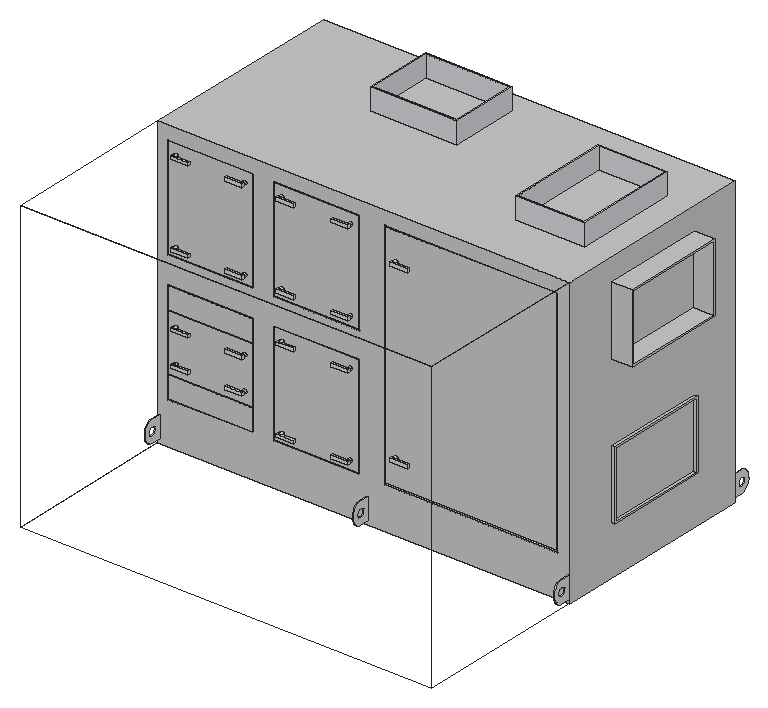
Revit family "DN-2IN-1FP-EC", category Mechanical Equipment, Revit 2016
Family settings
  Part Type = Normal
  Round Connector Dimension = Use Diameter
  OmniClass Number = 23.75.00.00
  OmniClass Title = Climate Control (HVAC)
  Work Plane-Based = No
  Always vertical = Yes
  Cut with Voids When Loaded = No
  Shared = No
  Room Calculation Point = No
Parameters (values of type "2 @ 1.35 kW ea.")
  Voltage [instance] = "200-277 V"
  Unit Weight Range (lbs) [instance] = "1750-1925 lbs."
  Max. Shipping Weight (lbs) [instance] = "1950-2125 lbs."
  Unit Dimensions(L x W x H) [instance] = "101-1/2\" x 57-1/8\" x 71-7/8\""
  Shipping Dimensions (L x W x H) [instance] = "120\" x 90\" x 77\""
  Unit [instance] = Renewaire - Galvanized Steel
  URL = "www.renewaire.com"
  Typical Airflow Range = "375-1,650 CFM"
  Standard Features [instance] = "EC Motors for both airstreams, Direct drive backward inclined plenum, Higher ESP of up to 2\" w.g. at 1,500 CFM, Integrated programmable controls, True 100% face and bypass enthalpy based modulating economizer, Class 1 low leakage motorized isolation dampers, Stainless steel double-sloped drain pan with cooling option, 1\" Double wall foam injected 20 gauge galvanized panel construction with R6.5 insulation"
  Service Area Visibility [instance] = yes
  Service Area Box [instance] = Renewaire - Interference
  Revit Object Download Link [instance] = ""
  Phase [instance] = "Single"
  Options [instance] = "DX, heat pump, or chilled water cooling coil, Modulating hot gas reheat, Steam or hot water coil, Onboard variable frequency drives (VFDs) - both airstreams, Fused disconnect, Spring isolators (VFDs only), 2\" Double wall foam injected 20 gauge galvanized panel construction with R13 insulation, Exterior paint - grey, white, custom color, BACNET factory activation, GFCI convenience outlet, Recirculation damper, Drain overflow switch, Electrofin coating for coils"
  Number Motors [instance] = "Qty. 2, Direct drive motorized impeller packages"
  Model = "DN-2IN-1FP-EC"
  Minimum Circuit Amps [instance] = "15.1 A"
  Maximum Overcurrent Protection [instance] = "20 A"
  Manufacturer = "Renewaire LLC"
  Inlets/Outlets [instance] = "OA & RA Inlets: 24\" x 16\", SA Outlet: 24\" x 16\", EA Outlet: 20\" x 16\""
  Frequency [instance] = "50/60 Hz"
  Filters [instance] = "Total qty. 4, MERV 8: 16\" x 20\" x 2\""
  FLA per Motor [instance] = "6.7-4.8"
  Energy Recovery Type [instance] = "Static plate total energy transfer"
  Description = "Energy Recovery Ventilator"
  Accessories [instance] = "Filters - MERV 13, 2\"  and 4\" (shipped loose), MERV 14, 2\" and 4\" (shipped loose), Additional filters available upon request, Duct mounted electric pre-heater (separately powered), Carbon dioxide sensor/control - wall mount (CO2-W), duct mount (CO2-D), IAQ sensor - wall mount (IAQ-W), duct mount (IAQ-D), Motion occupancy sensor/control - ceiling mount (MC-C), wall mount (MC-W), Smoke detector, Room temperature and humidity sensor, Duct static pressure sensor with display to 10\", without display 0-2\", Room pressure sensor with display to 1\", without display 0-1\", Waterless trap negative pressure, waterless trap positive pressure, Remote display"
  AHRI 1060 Certified Core [instance] = "One L-62-G5 and one L-125-G5"
Types (7): name | Voltage | Phase | Minimum Circuit Amps | Maximum Overcurrent Protection | FLA per Motor
  (no name) | "200-277 V" | "Single" | "15.1 A" | "20 A" | "6.7-4.8"
  2 @ 1.35 kW ea. | "200-277 V" | "Single" | "15.1 A" | "20 A" | "6.7-4.8"
  2 @ 2.70 kW ea. | "200-240 V" | "Three" | "19.4 A" | "25 A" | "8.6-7.2"
  2 @ 3.70 kW ea. | "380-480 V" | "Three" | "13.5 A" | "15 A" | "6.0-4.6"
  2 @ 3HP ea. 208-230V | "208-230 V" | "Three" | "20.3 A" | "25 A" | "9-8.4/4.2"
  2 @ 3HP ea. 460V | "460V" | "Three" | "9.5 A" | "15 A" | "4.2"
  2 @ 3HP ea. 575V | "575V" | "Three" | "7.4 A" | "15 A" | "3.3"
Reference planes (in)
  plane 1 "Center (Front/Back)": y = 0
  plane 2: z = 0
  plane 3 "Center (Left/Right)": x = 0
  plane 4: y = -24
  plane 5: x = -35.375
Forms (in)
  Extrusion 1, solid, material "Renewaire - Galvanized Steel" <- "Unit"
    sketch origin (0, 0, 0) x (1, 0, 0) y (0, 1, 0)
      loop
        line (-35.375, 23.99995) -> (-35.375, -24) -> (60, -24) -> (60, 23.99995) -> (-35.375, 23.99995)
    from 0 to 66.875
  Extrusion 2, void
    sketch origin (0, 0, 0) x (1, 0, 0) y (0, 0, 1)
      loop
        line (-33.22023, 63.824) -> (-33.22023, 39.82399) -> (-13.22023, 39.82399) -> (-13.22023, 63.824) -> (-33.22023, 63.824)
      loop
        line (-8.69064, 63.824) -> (-8.69064, 39.82399) -> (11.30935, 39.82399) -> (11.30935, 63.824) -> (-8.69064, 63.824)
      loop
        line (-33.22023, 33.824) -> (-33.22023, 9.824) -> (-13.22023, 9.824) -> (-13.22023, 33.824) -> (-33.22023, 33.824)
      loop
        line (-8.69064, 33.824) -> (-8.69064, 9.824) -> (11.30935, 9.824) -> (11.30935, 33.824) -> (-8.69064, 33.824)
      loop
        line (17.22532, 63.824) -> (17.22532, 9.824) -> (57.22532, 9.824) -> (57.22532, 63.824) -> (17.22532, 63.824)
    from 23 to 25
  Extrusion 3, void
    sketch origin (-0.40477, 0, 0) x (1, 0, 0) y (0, 1, 0)
      loop
        line (-32.97023, 21.99995) -> (-32.97023, -22) -> (57.89381, -22) -> (57.89381, 21.99995) -> (-32.97023, 21.99995)
    from 0 to 6
  Extrusion 4, solid, material "Renewaire - Galvanized Steel" <- "Unit"
    sketch origin (0, 0, 0) x (0, 1, 0) y (0, 0, 1)
      loop
        line (-12.00006, 61.824) -> (-12.00006, 45.824) -> (11.99994, 45.824) -> (11.99994, 61.824) -> (-12.00006, 61.824)
      loop
        line (-11.75006, 61.574) -> (-11.75006, 46.074) -> (11.74994, 46.074) -> (11.74994, 61.574) -> (-11.75006, 61.574)
    from 60 to 65
  Extrusion 5, void
    sketch origin (0, 0, 0) x (1, 0, 0) y (0, 1, 0)
      loop
        line (-29.3125, 17.99994) -> (-29.3125, -6.00006) -> (-13.31249, -6.00006) -> (-13.31249, 17.99994) -> (-29.3125, 17.99994)
      loop
        line (37.89381, 11.99993) -> (37.89381, -12.00007) -> (53.89381, -12.00007) -> (53.89381, 11.99993) -> (37.89381, 11.99993)
    from 5 to 6.125
  Extrusion 6, solid, material "Renewaire - Galvanized Steel" <- "Unit"
    sketch origin (0, 0, 0) x (1, 0, 0) y (0, 0, 1)
      loop
        line (11.30935, 61.82401) -> (-8.69064, 61.82401) -> (-8.69064, 45.82401) -> (11.30935, 45.82401) -> (11.30935, 61.82401)
      loop
        line (11.05935, 61.57401) -> (-8.44064, 61.57401) -> (-8.44064, 46.07401) -> (11.05935, 46.07401) -> (11.05935, 61.57401)
    from -24 to -29
  Extrusion 7, solid, material "Renewaire - Galvanized Steel" <- "Unit"
    sketch origin (0, 0, 0) x (0, 1, 0) y (0, 0, 1)
      loop
        line (18.60019, 30.89209) -> (-5.39982, 30.89209) -> (-5.39982, 14.89209) -> (18.60019, 14.89209) -> (18.60019, 30.89209)
      loop
        line (18.35019, 30.64209) -> (-5.14982, 30.64209) -> (-5.14982, 15.14209) -> (18.35019, 15.14209) -> (18.35019, 30.64209)
    from -35.375 to -36.375
  Extrusion 8, solid, material "Renewaire - Galvanized Steel" <- "Unit"
    sketch origin (0, 0, 0) x (0, 1, 0) y (0, 0, 1)
      loop
        line (-12.00006, 27.784) -> (-12.00006, 11.78399) -> (11.99994, 11.78399) -> (11.99994, 27.784) -> (-12.00006, 27.784)
      loop
        line (-11.75006, 27.534) -> (-11.75006, 12.03399) -> (11.74994, 12.03399) -> (11.74994, 27.534) -> (-11.75006, 27.534)
    from 60 to 61
  Extrusion 9, solid, material "Renewaire - Galvanized Steel" <- "Unit"
    sketch origin (0, 0, 0) x (1, 0, 0) y (0, 0, 1)
      loop
        line (17.47532, 63.574) -> (17.47532, 10.324) -> (56.97532, 10.324) -> (56.97532, 63.574) -> (17.47532, 63.574)
      loop
        line (-32.97023, 63.574) -> (-32.97023, 40.07399) -> (-13.47023, 40.07399) -> (-13.47023, 63.574) -> (-32.97023, 63.574)
      loop
        line (-8.44064, 63.574) -> (-8.44064, 40.07399) -> (11.05935, 40.07399) -> (11.05935, 63.574) -> (-8.44064, 63.574)
      loop
        line (-8.44064, 33.574) -> (-8.44064, 10.074) -> (11.05935, 10.074) -> (11.05935, 33.574) -> (-8.44064, 33.574)
      loop
        line (-32.97023, 33.574) -> (-32.97023, 28.574) -> (-13.47023, 28.574) -> (-13.47023, 33.574) -> (-32.97023, 33.574)
      loop
        line (-32.97023, 10.074) -> (-13.47023, 10.074) -> (-13.47023, 15.074) -> (-32.97023, 15.074) -> (-32.97023, 10.074)
      loop
        line (-32.97023, 15.324) -> (-13.47023, 15.324) -> (-13.47023, 28.324) -> (-32.97023, 28.324) -> (-32.97023, 15.324)
    from 23 to 24
  Extrusion 10, solid, material "Renewaire - Interference" <- "Service Area Box", visible <- "Service Area Visibility"
    sketch origin (0, 0, 0) x (1, 0, 0) y (0, 1, 0)
      loop
        line (-35.375, -24) -> (-35.375, -64) -> (60, -64) -> (60, -24) -> (-35.375, -24)
    from 66.875 to 0
  Extrusion 11, solid
    sketch origin (0, 0, 0) x (1, 0, 0) y (0, 1, 0)
      loop
        line (-7.70596, 18.99991) -> (-7.70596, 2.9999) -> (12.29402, 2.9999) -> (12.29402, 18.99991) -> (-7.70596, 18.99991)
      loop
        line (-7.45596, 18.74991) -> (-7.45596, 3.2499) -> (12.04402, 3.2499) -> (12.04402, 18.74991) -> (-7.45596, 18.74991)
    from 71.875 to 66.875
  Extrusion 12, solid
    sketch origin (0, 0, 0) x (1, 0, 0) y (0, 1, 0)
      loop
        line (37.89381, 11.99993) -> (37.89381, -12.00007) -> (53.89381, -12.00007) -> (53.89381, 11.99993) -> (37.89381, 11.99993)
      loop
        line (38.14381, 11.74993) -> (38.14381, -11.75007) -> (53.64381, -11.75007) -> (53.64381, 11.74993) -> (38.14381, 11.74993)
    from 71.875 to 66.875
Cuts and joins
  Extrusion 2, Extrusion 3, Extrusion 5 cuts Extrusion 1
Dimensions and locks (in)
  aligned and locked: level to plane 2
  aligned and locked: nested 1 to cut or joined group of Extrusion 1, Extrusion 2, Extrusion 3, Extrusion 5
Nested families (in)
  nested 1: "Lifting Lug" at (-35.125, -24, 0.74999) x (0, -1, 0) z (0, 0, 1), Material <- "Unit", type "Lifting Lug"
    with Material Renewaire - Galvanized Steel
  nested 2: "Lifting Lug" at (13.25, -24, 0.74999) x (0, -1, 0) z (0, 0, 1), Material <- "Unit", type "Lifting Lug"
    with Material Renewaire - Galvanized Steel
  nested 3: "Lifting Lug" at (59.88692, -24, 0.74999) x (0, -1, 0) z (0, 0, 1), Material <- "Unit", type "Lifting Lug"
    with Material Renewaire - Galvanized Steel
  nested 4: "Handle" at (-15.28433, -24, 61.25), type "Handle"
    with Right Handle no, Left Handle yes, Flip yes
  nested 5: "Handle" at (-15.28433, -24, 42.11337), type "Handle"
    with Right Handle no, Left Handle yes, Flip yes
  nested 6: "Handle" at (-31.15613, -24, 61.25) x (-1, 0, 0) z (0, 0, 1), type "Handle"
    with Right Handle no, Left Handle yes, Flip yes
  nested 7: "Handle" at (-31.15613, -24, 42.11337) x (-1, 0, 0) z (0, 0, 1), type "Handle"
    with Right Handle no, Left Handle yes, Flip yes
  nested 8: "Handle" at (-15.28433, -24, 25.5), type "Handle"
    with Right Handle no, Left Handle yes, Flip yes
  nested 9: "Handle" at (-15.28433, -24, 17.86338), type "Handle"
    with Right Handle no, Left Handle yes, Flip yes
  nested 10: "Handle" at (-31.15613, -24, 25.5) x (-1, 0, 0) z (0, 0, 1), type "Handle"
    with Right Handle no, Left Handle yes, Flip yes
  nested 11: "Handle" at (-31.15613, -24, 17.86338) x (-1, 0, 0) z (0, 0, 1), type "Handle"
    with Right Handle no, Left Handle yes, Flip yes
  nested 12: "Lifting Lug" at (-35.125, 24, 0.74999) x (0, 1, 0) z (0, 0, 1), Material <- "Unit", type "Lifting Lug"
    with Material Renewaire - Galvanized Steel
  nested 13: "Lifting Lug" at (59.88692, 24, 0.74999) x (0, 1, 0) z (0, 0, 1), Material <- "Unit", type "Lifting Lug"
    with Material Renewaire - Galvanized Steel
  nested 14: "Lifting Lug" at (13.25, 24, 0.74999) x (0, 1, 0) z (0, 0, 1), Material <- "Unit", type "Lifting Lug"
    with Material Renewaire - Galvanized Steel
  nested 15: "Handle" at (9.24525, -24, 61.25), type "Handle"
    with Right Handle no, Left Handle yes, Flip yes
  nested 16: "Handle" at (9.24525, -24, 42.11337), type "Handle"
    with Right Handle no, Left Handle yes, Flip yes
  nested 17: "Handle" at (-6.62654, -24, 61.25) x (-1, 0, 0) z (0, 0, 1), type "Handle"
    with Right Handle no, Left Handle yes, Flip yes
  nested 18: "Handle" at (-6.62654, -24, 42.11337) x (-1, 0, 0) z (0, 0, 1), type "Handle"
    with Right Handle no, Left Handle yes, Flip yes
  nested 19: "Handle" at (9.24525, -24, 31.25), type "Handle"
    with Right Handle no, Left Handle yes, Flip yes
  nested 20: "Handle" at (9.24525, -24, 12.11338), type "Handle"
    with Right Handle no, Left Handle yes, Flip yes
  nested 21: "Handle" at (-6.62654, -24, 31.25) x (-1, 0, 0) z (0, 0, 1), type "Handle"
    with Right Handle no, Left Handle yes, Flip yes
  nested 22: "Handle" at (-6.62654, -24, 12.11338) x (-1, 0, 0) z (0, 0, 1), type "Handle"
    with Right Handle no, Left Handle yes, Flip yes
  nested 23: "Handle" at (19.76858, -24, 57.0118) x (-1, 0, 0) z (0, 0, 1), type "Handle"
    with Right Handle no, Left Handle yes, Flip yes
  nested 24: "Handle" at (19.76858, -24, 16.2618) x (-1, 0, 0) z (0, 0, 1), type "Handle"
    with Right Handle no, Left Handle yes, Flip yes
Connectors (in)
  hvac at (65, -0.00006, 53.824)
    settings: on Extrusion 4, index 1, duct flow 0 CFM, flow factor 0, pres drop 0.00 in-wg, loss coef 0, conn angle 0.00°, conn width 24", conn height 16", conn diameter 24", duct sys type 4, conn prof type 1, flow config 0, flow direction 1, loss method 0, conn ref index -1, conn util no, is conn primary yes, conn desc "Outside Air (OA)"
  hvac at (61, -0.00006, 19.784)
    settings: on Extrusion 8, index 2, duct flow 0 CFM, flow factor 0, pres drop 0.00 in-wg, loss coef 0, conn angle 0.00°, conn width 24", conn height 16", conn diameter 24", duct sys type 2, conn prof type 1, flow config 0, flow direction 1, loss method 0, conn ref index -1, conn util no, is conn primary no, conn desc "Return Air (RA)"
  hvac at (1.30935, 29, 53.82401)
    settings: on Extrusion 6, index 5, duct flow 0 CFM, flow factor 0, pres drop 0.00 in-wg, loss coef 0, conn angle 0.00°, conn width 20", conn height 16", conn diameter 24", duct sys type 3, conn prof type 1, flow config 0, flow direction 2, loss method 0, conn ref index -1, conn util no, is conn primary no, conn desc "Exhaust Air (EA)"
  hvac at (-36.375, 6.60018, 22.89209)
    settings: on Extrusion 7, index 6, duct flow 0 CFM, flow factor 0, pres drop 0.00 in-wg, loss coef 0, conn angle 0.00°, conn width 24", conn height 16", conn diameter 24", duct sys type 1, conn prof type 1, flow config 0, flow direction 2, loss method 0, conn ref index -1, conn util no, is conn primary no, conn desc "Supply Air (SA)"
  hvac at (45.89381, -0.00007, 6)
    settings: on cut or joined group of Extrusion 1, Extrusion 2, Extrusion 3, Extrusion 5, index 8, duct flow 0 CFM, flow factor 0, pres drop 0.00 in-wg, loss coef 0, conn angle 0.00°, conn width 24", conn height 16", conn diameter 24", duct sys type 2, conn prof type 1, flow config 0, flow direction 1, loss method 0, conn ref index -1, conn util no, is conn primary no, conn desc "Return Air (RA)"
  hvac at (45.89381, -0.00007, 71.875)
    settings: on Extrusion 12, index 10, duct flow 0 CFM, flow factor 0, pres drop 0.00 in-wg, loss coef 0, conn angle 0.00°, conn width 16", conn height 24", conn diameter 24", duct sys type 4, conn prof type 1, flow config 0, flow direction 1, loss method 0, conn ref index -1, conn util no, is conn primary no, conn desc "Outside Air (OA)"
  hvac at (2.29403, 10.99991, 71.875)
    settings: on Extrusion 11, index 11, duct flow 0 CFM, flow factor 0, pres drop 0.00 in-wg, loss coef 0, conn angle 0.00°, conn width 20", conn height 16", conn diameter 24", duct sys type 3, conn prof type 1, flow config 0, flow direction 2, loss method 0, conn ref index -1, conn util no, is conn primary no, conn desc "Exhaust Air (EA)"
  hvac at (-21.3125, 5.99994, 6.125)
    settings: on cut or joined group of Extrusion 1, Extrusion 2, Extrusion 3, Extrusion 5, index 12, duct flow 0 CFM, flow factor 0, pres drop 0.00 in-wg, loss coef 0, conn angle 0.00°, conn width 24", conn height 16", conn diameter 24", duct sys type 1, conn prof type 1, flow config 0, flow direction 2, loss method 0, conn ref index -1, conn util no, is conn primary no, conn desc "Supply Air (SA)"
Definition of nested family "Lifting Lug"
  Parameters (values of type "Lifting Lug")
    Material [instance] = none
  Reference planes (in)
    plane 1 "Center (Front/Back)": y = 0
    plane 2: z = 0
    plane 3 "Center (Left/Right)": x = 0
  Forms (in)
    Extrusion 1, solid
      sketch origin (0, 0, 0) x (1, 0, 0) y (0, 0, 1)
        loop
          line (0, 0.1875) -> (2, 0.1875)
          arc (2, 0.1875) -> (3.41421, 0.77329) -> (4, 2.1875) r 2
          line (4, 2.1875) -> (4, 3.1875)
          arc (4, 3.1875) -> (3.41421, 4.60171) -> (2, 5.1875) r 2
          line (2, 5.1875) -> (0, 5.1875) -> (0, 0.1875)
        loop
          circle (2.125, 2.6875) r 1
      from 0 to 0.25
  Dimensions and locks (in)
    aligned and locked: plane 2 to level
Definition of nested family "Handle"
  Parameters (values of type "Handle")
    Right Handle [instance] = not(Flip)  # no
    Material = none
    Left Handle [instance] = Flip  # yes
    Flip [instance] = yes
  Reference planes (in)
    plane 1 "Center (Front/Back)": y = 0
    plane 2: z = 0
    plane 3 "Center (Left/Right)": x = 0
  Forms (in)
    Extrusion 1, solid, material <- "Material"
      sketch origin (0, 0, 0) x (1, 0, 0) y (0, 0, 1)
        loop
          circle (0, 0) r 0.375
      from 0 to 0.75
    Extrusion 2, solid, material <- "Material", visible <- "Right Handle"
      sketch origin (0, 0, 0) x (1, 0, 0) y (0, 1, 0)
        loop
          line (-0.375, -0.75) -> (-0.375, -1.25) -> (3.625, -1.25) -> (3.625, -0.75) -> (-0.375, -0.75)
      from -0.375 to 0.375
    Extrusion 3, solid, material <- "Material", visible <- "Left Handle"
      sketch origin (-3.25, 0, 0) x (1, 0, 0) y (0, 1, 0)
        loop
          line (-0.375, -0.75) -> (-0.375, -1.25) -> (3.625, -1.25) -> (3.625, -0.75) -> (-0.375, -0.75)
      from -0.375 to 0.375
  Dimensions and locks (in)
    aligned and locked: plane 2 to level
